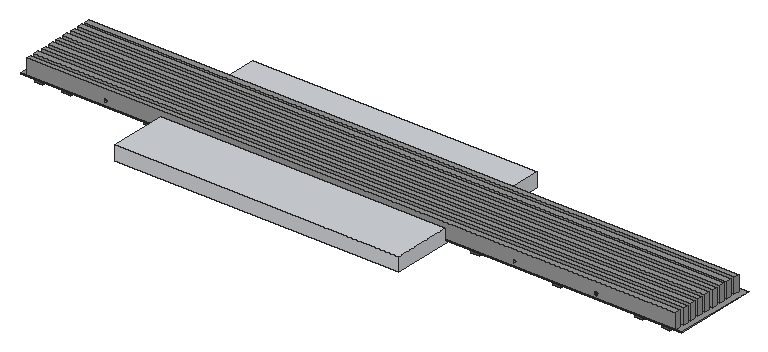
Revit family "1413-9, Veneer", category Generic Models, host Face, Revit 2020
Family settings
  Host = Face
  Can host rebar = No
  Round Connector Dimension = Use Diameter
  Part Type = Normal
  Cut with Voids When Loaded = No
  Shared = No
  Room Calculation Point = No
Parameters
  min_value [instance] = 2' - 4"  # constant formula
  max_value [instance] = 9' - 11 1/4"  # constant formula
  actual_value [instance] = if(NET LENGTH < min_value, min_value, if(NET LENGTH > max_value, max_value, NET LENGTH))  # 7' - 11 1/4"
  SCRIM MATERIAL [instance] = SCRIM
  SCRIM APPEARANCE [instance] = yes
  NET LENGTH [instance] = 7' - 11 1/4"
  IMPORTANT NOTE!!!                                                                             *Backer & dowel layout is for visualization purposes only, final layout to be determined by 9Wood. [instance] = ""
  Default Elevation = 4' - 0"
  DOWEL RADIUS [instance] = 0' - 0 1/4"  # constant formula
  BACKER & DOWEL MATERIAL [instance] = BLACK-BACKERS
  .. MEMBER WIDTH [instance] = 0' - 0 3/4"  # constant formula
  .. MEMBER MATERIAL [instance] = Veneer Cherry
  .. MEMBER DEPTH [instance] = 0' - 2 1/4"  # constant formula
  .. MEMBER COUNT [instance] = 9  # constant formula
Reference planes (in)
  plane 1 "Center (Front/Back)": y = 0
  plane 2: z = 0
  plane 3 "Center (Left/Right)": x = 0
Forms (in)
  Extrusion 1, solid
    sketch origin (0, 0, 0) x (1, 0, 0) y (0, 1, 0)
      loop
        line (-24.24823, 14.63962) -> (-24.24823, -10.69266) -> (17.36192, -10.69266) -> (17.36192, 14.63962) -> (-24.24823, 14.63962)
    from 0 to 2.0625
Dimensions and locks (in)
  aligned and locked: plane 2 to Extrusion 1
Nested families (in)
  nested 1: "1400 series" at (-44.01308, -2.1224, 0.00189), NET LENGTH <- "actual_value", .. MEMBER DEPTH <- ".. MEMBER DEPTH", .. MEMBER WIDTH <- ".. MEMBER WIDTH", DOWEL RADIUS <- "DOWEL RADIUS", BACKER & DOWEL MATERIAL <- "BACKER & DOWEL MATERIAL", .. MEMBER MATERIAL <- ".. MEMBER MATERIAL", SCRIM MATERIAL <- "SCRIM MATERIAL", MEMBER COUNT <- ".. MEMBER COUNT", SCRIM APPEARANCE <- "SCRIM APPEARANCE", type "1400 series"
    with X 7' - 8", SCRIM MATERIAL SCRIM, SCRIM LENGTH 8' - 1", SCRIM APPEARANCE yes, SCRIM 2 0' - 0 7/8", SCRIM 1 0' - 0 3/32", OC TYP 1' - 0", NET LENGTH 7' - 11 1/4", N 8, MEMBER COUNT 9, INSET 2 0' - 0 3/16", INSET 0' - 1", HALF MEMBER WIDTH 0' - 0 3/8", END BACKER yes, DOWEL RADIUS 0' - 0 1/4", DOWEL INDEX 0' - 11 5/8", DOWEL COUNT 7, BACKING M COUNT 8, BACKER WIDTH 0' - 1 1/4", BACKER INDEX 0' - 5 5/8", BACKER DEPTH 0' - 0 1/2", BACKER & DOWEL MATERIAL BLACK-BACKERS, BACKER &  DOWEL LENGTH 0' - 11 7/8", .. MEMBER WIDTH 0' - 0 3/4", .. MEMBER OC TYP 0' - 1.33333", .. MEMBER MATERIAL Veneer Cherry, .. MEMBER DEPTH 0' - 2 1/4"
Definition of nested family "1400 series"
  Parameters (values of type "1400 series")
    X [instance] = NET LENGTH - 0' 3 1/4"  # 7' - 2"
    SCRIM MATERIAL [instance] = none
    SCRIM APPEARANCE [instance] = yes
    SCRIM 2 [instance] = 0' - 0 7/8"  # constant formula
    SCRIM 1 [instance] = 0' - 0 3/32"  # constant formula
    OC TYP [instance] = 1' - 0"  # constant formula
    N [instance] = if((X - (rounddown(X / 1' 0") * 1' 0")) > 1' 0", rounddown(X / 1' 0") + 2, rounddown(X / 1' 0") + 1)  # 8
    MEMBER COUNT [instance] = 2
    INSET 5 = 0' - 0 11/16"  # constant formula
    INSET 2 [instance] = 0' - 0 3/16"  # constant formula
    INSET [instance] = 0' - 1"  # constant formula
    END BACKER [instance] = BACKER INDEX > 0' 3 5/8"  # no
    HALF MEMBER WIDTH [instance] = .. MEMBER WIDTH / 2  # 0' - 1 1/8"
    Default Elevation = 0' - 0"
    DOWEL RADIUS [instance] = 0' - 0 1/4"
    DOWEL INDEX [instance] = BACKER INDEX + 0' 6"  # 0' - 8 5/8"
    DOWEL COUNT [instance] = N - 1  # 7
    BACKER WIDTH [instance] = 0' - 1 1/4"  # constant formula
    BACKER INDEX [instance] = (NET LENGTH - ((N - 1) * 1' 0")) / 2  # 0' - 2 5/8"
    BACKER DEPTH [instance] = 0' - 0 1/2"  # constant formula
    BACKING M COUNT [instance] = N  # 8
    BACKER & DOWEL MATERIAL [instance] = none
    BACKER &  DOWEL LENGTH [instance] = 0' - 11 7/8"  # constant formula
    SCRIM LENGTH [instance] = NET LENGTH + (SCRIM 2 * 2)  # 7' - 7"
    .. MEMBER WIDTH [instance] = 0' - 2 1/4"
    .. MEMBER OC TYP [instance] = 1' 0" / MEMBER COUNT  # 0' - 6"
    .. MEMBER MATERIAL [instance] = none
    NET LENGTH [instance] = 7' - 5 1/4"
    .. MEMBER DEPTH [instance] = 0' - 4"
  Reference planes (in)
    plane 1 "Center (Front/Back)": y = 0
    plane 2: z = 0
    plane 3 "Center (Left/Right)": x = 0
    plane 4: x = 89.25
    plane 5: x = 1
    plane 6: x = 88.25
    plane 7: x = 2.625
    plane 8: x = 8.625
    plane 9: x = 14.625
    plane 10: x = 20.625
    plane 11: y = 0.1875
    plane 12: y = 1.125
    plane 13: y = 7.125
    plane 14: y = 12.0625
    plane 15: x = 90.125
    plane 16: x = -0.875
    plane 17: y = 12.15625
    plane 18: y = -0.09375
    plane 19: z = 2.7097
    plane 20: z = 0.49811
    plane 21: z = 0.56061
    plane 22: z = 1.24811
  Lines and regions (in)
    model lines, not visible
      curve 1: line (8.625, 0, 0.99811) -> (8.625, 0, 1.49811)
      curve 2: line (8.625, 0, 1.49811) -> (8.375, 0, 1.24811)
      curve 3: line (8.375, 0, 1.24811) -> (8.875, 0, 1.24811)
      curve 4: line (20.625, 0, 0.99811) -> (20.625, 0, 1.49811)
      curve 5: line (20.625, 0, 1.49811) -> (20.375, 0, 1.24811)
      curve 6: line (20.375, 0, 1.24811) -> (20.875, 0, 1.24811)
      curve 7: line (32.625, 0, 0.99811) -> (32.625, 0, 1.49811)
      curve 8: line (32.625, 0, 1.49811) -> (32.375, 0, 1.24811)
      curve 9: line (32.375, 0, 1.24811) -> (32.875, 0, 1.24811)
      curve 10: line (44.625, 0, 0.99811) -> (44.625, 0, 1.49811)
      curve 11: line (44.625, 0, 1.49811) -> (44.375, 0, 1.24811)
      curve 12: line (44.375, 0, 1.24811) -> (44.875, 0, 1.24811)
      curve 13: line (56.625, 0, 0.99811) -> (56.625, 0, 1.49811)
      curve 14: line (56.625, 0, 1.49811) -> (56.375, 0, 1.24811)
      curve 15: line (56.375, 0, 1.24811) -> (56.875, 0, 1.24811)
      curve 16: line (68.625, 0, 0.99811) -> (68.625, 0, 1.49811)
      curve 17: line (68.625, 0, 1.49811) -> (68.375, 0, 1.24811)
      curve 18: line (68.375, 0, 1.24811) -> (68.875, 0, 1.24811)
      curve 19: line (80.625, 0, 0.99811) -> (80.625, 0, 1.49811)
      curve 20: line (80.625, 0, 1.49811) -> (80.375, 0, 1.24811)
      curve 21: line (80.375, 0, 1.24811) -> (80.875, 0, 1.24811)
  Dimensions and locks (in)
    "INSET": plane 3 "Center (Left/Right)" to plane 5
    "NET LENGTH": plane 3 "Center (Left/Right)" to plane 4
    "INSET": plane 6 to plane 4
    "BACKER INDEX": plane 3 "Center (Left/Right)" to plane 7
    "DOWEL INDEX": plane 3 "Center (Left/Right)" to plane 8
    "OC TYP": plane 7 to plane 9
    "OC TYP": plane 8 to plane 10
    "INSET 2": plane 1 "Center (Front/Back)" to plane 11
    equal spacing: group 1, group 2, group 5, group 6, group 7, group 13, group 14, group 16  (x3)
    equal spacing: group 3, group 4, group 8, group 9, group 10, group 15, group 17  (x3)
    group 11 to group 12 = 0' - 0"  (x2)
    group 11 to group 12 = 0' - 6"
    ".. MEMBER OC TYP": plane 13 to plane 12
    "HALF MEMBER WIDTH": plane 1 "Center (Front/Back)" to plane 12
    "SCRIM 2": plane 16 to plane 3 "Center (Left/Right)"
    "SCRIM 2": plane 4 to plane 15
    "SCRIM 1": plane 18 to plane 1 "Center (Front/Back)"
    "SCRIM 1": plane 17 to plane 14
    "INSET 5": plane 22 to plane 21
    aligned and locked: level to plane 2
    aligned and locked: plane 7 to nested 2
    aligned and locked: plane 5 to nested 1
    aligned and locked: plane 9 to nested 3
    aligned and locked: nested 1 to plane 5
    aligned and locked: nested 2 to plane 11
    aligned and locked: nested 1 to plane 11
    aligned and locked: nested 3 to plane 11
    aligned and locked: nested 4 to plane 11  (x2)
    aligned and locked: plane 10 to nested 5
    aligned and locked: plane 6 to nested 12
    aligned and locked: nested 5 to plane 11
    aligned and locked: plane 11 to nested 12
    aligned and locked: plane 12 to nested 13
    aligned and locked: nested 14 to plane 13
    aligned and locked: plane 14 to nested 8
    aligned and locked: plane 16 to nested 15
    aligned and locked: nested 15 to plane 18
    aligned and locked: nested 15 to plane 17
    aligned and locked: nested 15 to plane 16  (x2)
    aligned and locked: nested 1 to level
    aligned and locked: level to nested 3
    aligned and locked: plane 20 to nested 2
    aligned and locked: plane 20 to nested 1
    aligned and locked: plane 20 to nested 3
    aligned and locked: nested 12 to plane 20
    aligned and locked: nested 15 to plane 20
    aligned and locked: plane 21 to nested 15
    aligned and locked: nested 13 to plane 21
    aligned and locked: plane 22 to nested 4
    aligned and locked: plane 22 to nested 5
    aligned and locked: nested 13 to plane 8
    aligned and locked: plane 10 to nested 13
    aligned and locked: curve 1 to nested 13
    aligned and locked: nested 13 to curve 4
  Automatic sketch dimensions
    curve 3 to curve 1 = 0' - 0 1/4"  (x2)
    curve 1 to curve 3 = 0' - 0 1/4"
    curve 1 to curve 2 = 0' - 0 1/4"
    curve 6 to curve 4 = 0' - 0 1/4"  (x2)
    curve 4 to curve 6 = 0' - 0 1/4"
    curve 4 to curve 5 = 0' - 0 1/4"
    curve 9 to curve 7 = 0' - 0 1/4"  (x2)
    curve 7 to curve 9 = 0' - 0 1/4"
    curve 7 to curve 8 = 0' - 0 1/4"
    curve 12 to curve 10 = 0' - 0 1/4"  (x2)
    curve 10 to curve 12 = 0' - 0 1/4"
    curve 10 to curve 11 = 0' - 0 1/4"
    curve 15 to curve 13 = 0' - 0 1/4"  (x2)
    curve 13 to curve 15 = 0' - 0 1/4"
    curve 13 to curve 14 = 0' - 0 1/4"
    curve 18 to curve 16 = 0' - 0 1/4"  (x2)
    curve 16 to curve 18 = 0' - 0 1/4"
    curve 16 to curve 17 = 0' - 0 1/4"
    curve 21 to curve 19 = 0' - 0 1/4"  (x2)
    curve 19 to curve 21 = 0' - 0 1/4"
    curve 19 to curve 20 = 0' - 0 1/4"
  Nested families (in)
    nested 1: "INSTANCE - 3RD -  EXTEND BOTH SIDES - Parametric Cube.0001" at (1, 0.1875, 0.49811), Length <- "BACKER &  DOWEL LENGTH", Width <- "BACKER WIDTH", Height <- "BACKER DEPTH", Material <- "BACKER & DOWEL MATERIAL", visible <- "END BACKER", type "INSTANCE - 3RD -  EXTEND BOTH SIDES - Parametric Cube.0001"
      with Width 0' - 1 1/4", Material none, Length 0' - 11 7/8", Height 0' - 0 1/2"
    nested 2: "INSTANCE - 2ND -  EXTEND SIDE H CENTER W - Parametric Cube.0001" at (2.625, 0.1875, 0.49811), Width <- "BACKER WIDTH", Length <- "BACKER &  DOWEL LENGTH", Height <- "BACKER DEPTH", Material <- "BACKER & DOWEL MATERIAL", type "INSTANCE - 2ND -  EXTEND SIDE H CENTER W - Parametric Cube.0001"
      with Width 0' - 1 1/4", Material none, Length 0' - 11 7/8", Height 0' - 0 1/2"
    nested 3: "INSTANCE - 2ND -  EXTEND SIDE H CENTER W - Parametric Cube.0001" at (14.625, 0.1875, 0.49811), Width <- "BACKER WIDTH", Length <- "BACKER &  DOWEL LENGTH", Height <- "BACKER DEPTH", Material <- "BACKER & DOWEL MATERIAL", type "INSTANCE - 2ND -  EXTEND SIDE H CENTER W - Parametric Cube.0001"
      with Width 0' - 1 1/4", Material none, Length 0' - 11 7/8", Height 0' - 0 1/2"
    nested 4: "DOWEL" at (-1.375, 0.1875, 1.24811), DOWEL LENGTH <- "BACKER &  DOWEL LENGTH", DOWEL RADII <- "DOWEL RADIUS", BACKING MEM MATERIAL <- "BACKER & DOWEL MATERIAL", type "DOWEL"
      with DOWEL RADII 0' - 0 1/4", DOWEL LENGTH 0' - 11 7/8", BACKING MEM MATERIAL none
    nested 5: "DOWEL" at (10.625, 0.1875, 1.24811), DOWEL LENGTH <- "BACKER &  DOWEL LENGTH", DOWEL RADII <- "DOWEL RADIUS", BACKING MEM MATERIAL <- "BACKER & DOWEL MATERIAL", type "DOWEL"
      with DOWEL RADII 0' - 0 1/4", DOWEL LENGTH 0' - 11 7/8", BACKING MEM MATERIAL none
    nested 6: "INSTANCE - 2ND -  EXTEND SIDE H CENTER W - Parametric Cube.0001" at (26.625, 0.1875, 0.49811), Width <- "BACKER WIDTH", Length <- "BACKER &  DOWEL LENGTH", Height <- "BACKER DEPTH", Material <- "BACKER & DOWEL MATERIAL", type "INSTANCE - 2ND -  EXTEND SIDE H CENTER W - Parametric Cube.0001"
      with Width 0' - 1 1/4", Material none, Length 0' - 11 7/8", Height 0' - 0 1/2"
    nested 7: "INSTANCE - 2ND -  EXTEND SIDE H CENTER W - Parametric Cube.0001" at (38.625, 0.1875, 0.49811), Width <- "BACKER WIDTH", Length <- "BACKER &  DOWEL LENGTH", Height <- "BACKER DEPTH", Material <- "BACKER & DOWEL MATERIAL", type "INSTANCE - 2ND -  EXTEND SIDE H CENTER W - Parametric Cube.0001"
      with Width 0' - 1 1/4", Material none, Length 0' - 11 7/8", Height 0' - 0 1/2"
    nested 8: "INSTANCE - 2ND -  EXTEND SIDE H CENTER W - Parametric Cube.0001" at (50.625, 0.1875, 0.49811), Width <- "BACKER WIDTH", Length <- "BACKER &  DOWEL LENGTH", Height <- "BACKER DEPTH", Material <- "BACKER & DOWEL MATERIAL", type "INSTANCE - 2ND -  EXTEND SIDE H CENTER W - Parametric Cube.0001"
      with Width 0' - 1 1/4", Material none, Length 0' - 11 7/8", Height 0' - 0 1/2"
    nested 9: "DOWEL" at (22.625, 0.1875, 1.24811), DOWEL LENGTH <- "BACKER &  DOWEL LENGTH", DOWEL RADII <- "DOWEL RADIUS", BACKING MEM MATERIAL <- "BACKER & DOWEL MATERIAL", type "DOWEL"
      with DOWEL RADII 0' - 0 1/4", DOWEL LENGTH 0' - 11 7/8", BACKING MEM MATERIAL none
    nested 10: "DOWEL" at (34.625, 0.1875, 1.24811), DOWEL LENGTH <- "BACKER &  DOWEL LENGTH", DOWEL RADII <- "DOWEL RADIUS", BACKING MEM MATERIAL <- "BACKER & DOWEL MATERIAL", type "DOWEL"
      with DOWEL RADII 0' - 0 1/4", DOWEL LENGTH 0' - 11 7/8", BACKING MEM MATERIAL none
    nested 11: "DOWEL" at (46.625, 0.1875, 1.24811), DOWEL LENGTH <- "BACKER &  DOWEL LENGTH", DOWEL RADII <- "DOWEL RADIUS", BACKING MEM MATERIAL <- "BACKER & DOWEL MATERIAL", type "DOWEL"
      with DOWEL RADII 0' - 0 1/4", DOWEL LENGTH 0' - 11 7/8", BACKING MEM MATERIAL none
    nested 12: "INSTANCE - 3RD -  EXTEND BOTH SIDES - Parametric Cube.0001" at (88.25, 0.1875, 0.49811) x (-1, 0, 0) z (0, 0, 1), Width <- "BACKER WIDTH", Length <- "BACKER &  DOWEL LENGTH", Height <- "BACKER DEPTH", Material <- "BACKER & DOWEL MATERIAL", visible <- "END BACKER", type "INSTANCE - 3RD -  EXTEND BOTH SIDES - Parametric Cube.0001"
      with Width 0' - 1 1/4", Material none, Length 0' - 11 7/8", Height 0' - 0 1/2"
    nested 13: "HOLED MEMBER" at (0, -9.75, 8.12965), DOWEL INDEX <- "DOWEL INDEX", .. MEMBER LENGTH <- "NET LENGTH", .. MEMBER WIDTH <- ".. MEMBER WIDTH", DOWEL OC DIST <- "OC TYP", DOWEL RADII <- "DOWEL RADIUS", Material <- ".. MEMBER MATERIAL", DEPTH <- ".. MEMBER DEPTH", DOWEL COUNT <- "DOWEL COUNT", Space <- "INSET 5", type "HOLED MEMBER"
      with Space 0' - 0 11/16", Material none, Height 0' - 10.43096", HALF MEMBER WIDTH 0' - 1 1/8", DOWEL RADII 0' - 0 1/4", DOWEL OC DIST 1' - 0", DOWEL INDEX 0' - 8 5/8", DOWEL COUNT 7, DEPTH 0' - 4", .. MEMBER WIDTH 0' - 2 1/4", .. MEMBER LENGTH 7' - 5 1/4"
    nested 14: "HOLED MEMBER" at (0, -3.75, 8.12965), DOWEL INDEX <- "DOWEL INDEX", .. MEMBER LENGTH <- "NET LENGTH", .. MEMBER WIDTH <- ".. MEMBER WIDTH", DOWEL OC DIST <- "OC TYP", DOWEL RADII <- "DOWEL RADIUS", Material <- ".. MEMBER MATERIAL", DEPTH <- ".. MEMBER DEPTH", DOWEL COUNT <- "DOWEL COUNT", Space <- "INSET 5", type "HOLED MEMBER"
      with Space 0' - 0 11/16", Material none, Height 0' - 10.43096", HALF MEMBER WIDTH 0' - 1 1/8", DOWEL RADII 0' - 0 1/4", DOWEL OC DIST 1' - 0", DOWEL INDEX 0' - 8 5/8", DOWEL COUNT 7, DEPTH 0' - 4", .. MEMBER WIDTH 0' - 2 1/4", .. MEMBER LENGTH 7' - 5 1/4"
    nested 15: "INSTANCE - 3RD -  EXTEND BOTH SIDES - Parametric Cube.0001" at (-0.875, -0.09375, 0.56061), Width <- "SCRIM LENGTH", Material <- "SCRIM MATERIAL", visible <- "SCRIM APPEARANCE", type "INSTANCE - 3RD -  EXTEND BOTH SIDES - Parametric Cube.0001"
      with Width 7' - 7", Material none, Length 1' - 0 1/4", Height 0' - 0 1/16"
    nested 16: "INSTANCE - 2ND -  EXTEND SIDE H CENTER W - Parametric Cube.0001" at (62.625, 0.1875, 0.49811), Width <- "BACKER WIDTH", Length <- "BACKER &  DOWEL LENGTH", Height <- "BACKER DEPTH", Material <- "BACKER & DOWEL MATERIAL", type "INSTANCE - 2ND -  EXTEND SIDE H CENTER W - Parametric Cube.0001"
      with Width 0' - 1 1/4", Material none, Length 0' - 11 7/8", Height 0' - 0 1/2"
    nested 17: "INSTANCE - 2ND -  EXTEND SIDE H CENTER W - Parametric Cube.0001" at (74.625, 0.1875, 0.49811), Width <- "BACKER WIDTH", Length <- "BACKER &  DOWEL LENGTH", Height <- "BACKER DEPTH", Material <- "BACKER & DOWEL MATERIAL", type "INSTANCE - 2ND -  EXTEND SIDE H CENTER W - Parametric Cube.0001"
      with Width 0' - 1 1/4", Material none, Length 0' - 11 7/8", Height 0' - 0 1/2"
    nested 18: "DOWEL" at (58.625, 0.1875, 1.24811), DOWEL LENGTH <- "BACKER &  DOWEL LENGTH", DOWEL RADII <- "DOWEL RADIUS", BACKING MEM MATERIAL <- "BACKER & DOWEL MATERIAL", type "DOWEL"
      with DOWEL RADII 0' - 0 1/4", DOWEL LENGTH 0' - 11 7/8", BACKING MEM MATERIAL none
    nested 19: "INSTANCE - 2ND -  EXTEND SIDE H CENTER W - Parametric Cube.0001" at (86.625, 0.1875, 0.49811), Width <- "BACKER WIDTH", Length <- "BACKER &  DOWEL LENGTH", Height <- "BACKER DEPTH", Material <- "BACKER & DOWEL MATERIAL", type "INSTANCE - 2ND -  EXTEND SIDE H CENTER W - Parametric Cube.0001"
      with Width 0' - 1 1/4", Material none, Length 0' - 11 7/8", Height 0' - 0 1/2"
    nested 20: "DOWEL" at (70.625, 0.1875, 1.24811), DOWEL LENGTH <- "BACKER &  DOWEL LENGTH", DOWEL RADII <- "DOWEL RADIUS", BACKING MEM MATERIAL <- "BACKER & DOWEL MATERIAL", type "DOWEL"
      with DOWEL RADII 0' - 0 1/4", DOWEL LENGTH 0' - 11 7/8", BACKING MEM MATERIAL none
  Definition of nested family "INSTANCE - 3RD -  EXTEND BOTH SIDES - Parametric Cube.0001"
    Parameters (values of type "INSTANCE - 3RD -  EXTEND BOTH SIDES - Parametric Cube.0001")
      Width [instance] = 0' - 6"
      Material [instance] = none
      Length [instance] = 1' - 0"
      Height [instance] = 1' - 6"
      Default Elevation = 0' - 0"
    Reference planes (in)
      plane 1 "Center (Front/Back)": y = 0
      plane 2: z = 0
      plane 3 "Center (Left/Right)": x = 0
      plane 4: x = 6
      plane 5: y = 12
      plane 6: z = -18
    Forms (in)
      Extrusion 1, solid, material <- "Material"
        sketch origin (0, 6, 0) x (1, 0, 0) y (0, 1, 0)
          loop
            line (0, 6) -> (0, -6) -> (6, -6) -> (6, 6) -> (0, 6)
        from -18 to 0
    Dimensions and locks (in)
      "Height": plane 6 to level
      "Length": plane 1 "Center (Front/Back)" to plane 5
      "Width": plane 3 "Center (Left/Right)" to plane 4
      aligned and locked: plane 2 to level
      aligned and locked: Extrusion 1 sketch curve to plane 4
      aligned and locked: Extrusion 1 to plane 6
      aligned and locked: plane 5 to Extrusion 1
      aligned and locked: Extrusion 1 to plane 3 "Center (Left/Right)"
    Automatic sketch dimensions
      plane 1 "Center (Front/Back)" to Extrusion 1 sketch curve = 0' - 0"
      plane 5 to Extrusion 1 sketch curve = 0' - 0"
      Extrusion 1 sketch curve to plane 3 "Center (Left/Right)" = 0' - 0"
  Definition of nested family "INSTANCE - 2ND -  EXTEND SIDE H CENTER W - Parametric Cube.0001"
    Parameters (values of type "INSTANCE - 2ND -  EXTEND SIDE H CENTER W - Parametric Cube.0001")
      Width [instance] = 0' - 6"
      Material [instance] = none
      Length [instance] = 1' - 0"
      Height [instance] = 1' - 6"
      Default Elevation = 0' - 0"
    Reference planes (in)
      plane 1 "Center (Front/Back)": y = 0
      plane 2: z = 0
      plane 3 "Center (Left/Right)": x = 0
      plane 4: x = -3
      plane 5: x = 3
      plane 6: y = 12
      plane 7: z = -18
    Forms (in)
      Extrusion 1, solid, material <- "Material"
        sketch origin (0, 6, 0) x (1, 0, 0) y (0, 1, 0)
          loop
            line (-3, 6) -> (-3, -6) -> (3, -6) -> (3, 6) -> (-3, 6)
        from -18 to 0
    Dimensions and locks (in)
      equal spacing: plane 4, plane 3 "Center (Left/Right)", plane 5
      "Width": plane 4 to plane 5
      "Height": plane 7 to level
      "Length": plane 1 "Center (Front/Back)" to plane 6
      aligned and locked: plane 2 to level
      aligned and locked: plane 4 to Extrusion 1 sketch curve
      aligned and locked: Extrusion 1 sketch curve to plane 5
      aligned and locked: Extrusion 1 to plane 7
      aligned and locked: plane 6 to Extrusion 1
    Automatic sketch dimensions
      plane 1 "Center (Front/Back)" to Extrusion 1 sketch curve = 0' - 0"
      plane 6 to Extrusion 1 sketch curve = 0' - 0"
  Definition of nested family "DOWEL"
    Parameters (values of type "DOWEL")
      Default Elevation = 0' - 0"
      DOWEL RADII [instance] = 0' - 0 5/8"
      DOWEL LENGTH [instance] = 1' - 0"
      BACKING MEM MATERIAL [instance] = none
    Reference planes (in)
      plane 1 "Center (Front/Back)": y = 0
      plane 2: z = 0
      plane 3 "Center (Left/Right)": x = 0
      plane 4: y = 12
    Forms (in)
      Extrusion 1, solid, material <- "BACKING MEM MATERIAL"
        sketch origin (10, 0, 0) x (1, 0, 0) y (0, 0, 1)
          loop
            circle (0, 0) r 0.625
        from 0 to -12
      Extrusion 2, solid, not visible
        sketch origin (0, 0, 0) x (1, 0, 0) y (0, 0, 1)
          loop
            circle (0, 0) r 0.625
        from 0 to 12
      Extrusion 3, solid, not visible
        sketch origin (10, 0, 0) x (1, 0, 0) y (0, 0, 1)
          loop
            circle (0, 0) r 0.625
        from 0 to 2.5
      Extrusion 4, solid, not visible
        sketch origin (10, 0, 0) x (1, 0, 0) y (0, 0, 1)
          loop
            circle (0, 0) r 0.625
        from 0 to -12
    Lines and regions (in)
      model lines, not visible
        curve 1: line (-13, 0, 0) -> (-13, -12, 0)
        curve 2: line (13, 0, 0) -> (13, -12, 0)
        curve 3: line (9.89453, 0, 0) -> (10.08794, 0, 0)
        curve 4: line (9.89453, -2.5, 0) -> (10.08794, -2.5, 0)
        curve 6: line (10, 0, 0) -> (10, 2, 0)
      model lines
        curve 5: line (10, 0, 0) -> (10, 2, 0)
    Dimensions and locks (in)
      "DOWEL LENGTH": plane 1 "Center (Front/Back)" to plane 4
      "DOWEL RADII": radius of Extrusion 1 sketch curve
      "DOWEL RADII": radius of Extrusion 2 sketch curve
      "DOWEL RADII": radius of Extrusion 3 sketch curve
      "DOWEL RADII": radius of Extrusion 4 sketch curve
      "DOWEL RADII": radius of Extrusion 1
      aligned and locked: plane 2 to level
      aligned and locked: Extrusion 1 to plane 1 "Center (Front/Back)"  (x3)
      aligned and locked: plane 1 "Center (Front/Back)" to Extrusion 1
      aligned and locked: plane 4 to Extrusion 1
    Automatic sketch dimensions
      plane 1 "Center (Front/Back)" to curve 5 = 0' - 0"
      curve 5 to plane 1 "Center (Front/Back)" = 0' - 2"
      plane 3 "Center (Left/Right)" to curve 5 = 0' - 10"
      Extrusion 1 sketch curve to level = 0' - 0"
      plane 3 "Center (Left/Right)" to Extrusion 1 sketch curve = 0' - 10"
  Definition of nested family "HOLED MEMBER"
    Parameters (values of type "HOLED MEMBER")
      Space [instance] = 0' - 0 5/8"
      Material [instance] = none
      Height [instance] = 0' - 10.43096"
      HALF MEMBER WIDTH [instance] = .. MEMBER WIDTH / 2  # 0' - 0 5/16"
      Default Elevation = 0' - 0"
      DOWEL RADII [instance] = 0' - 0.34537"
      DOWEL OC DIST [instance] = 1' - 0"
      DOWEL INSET = 0' - 0 5/8"
      DOWEL INDEX [instance] = 0' - 5 5/8"
      DOWEL COUNT [instance] = 6
      DEPTH [instance] = 0' - 2"
      .. MEMBER WIDTH [instance] = 0' - 0 5/8"
      .. MEMBER LENGTH [instance] = 5' - 11 3/4"
    Reference planes (in)
      plane 1 "Center (Front/Back)": y = 12
      plane 2: z = -7.56904
      plane 3 "Center (Left/Right)": x = 0
      plane 4: x = 5.625
      plane 5: x = 17.625
      plane 6: y = 11.375
      plane 7: x = 71.75
      plane 8: y = 11.6875
      plane 9: z = -6.94404
      plane 10: z = -5.56904
    Forms (in)
      Extrusion 1, solid, material <- "Material"
        sketch origin (0, 12, -13.56904) x (1, 0, 0) y (0, 0, 1)
          loop
            line (0, 6) -> (71.75, 6) -> (71.75, 8) -> (0, 8) -> (0, 6)
        from 0.625 to 0
      Extrusion 2, void
        sketch origin (0, 12, -18.31904) x (1, 0, 0) y (0, 0, 1)
          loop
            circle (5.625, 11.375) r 0.34537
        from 0 to 12
      Extrusion 3, void, not visible
        sketch origin (0, 0, 0) x (1, 0, 0) y (0, 1, 0)
          loop
            circle (5.625, 11.375) r 0.34537
        from 0 to 12
      Extrusion 4, void, not visible
        sketch origin (0, 0, 0) x (1, 0, 0) y (0, 1, 0)
          loop
            circle (5.625, 11.375) r 0.34537
        from 0 to 12
      Extrusion 5, void, not visible
        sketch origin (12, 0, 0) x (1, 0, 0) y (0, 1, 0)
          loop
            circle (5.625, 11.375) r 0.34537
        from 0 to 12
      Extrusion 6, void, not visible
        sketch origin (0, 12, -17.56904) x (1, 0, 0) y (0, 0, 1)
          loop
            circle (5.625, 11.375) r 0.34537
        from 0 to 12
      Extrusion 7, void, not visible
        sketch origin (12, 12, -17.56904) x (1, 0, 0) y (0, 0, 1)
          loop
            circle (5.625, 11.375) r 0.34537
        from 0 to 12
      Extrusion 8, void, not visible
        sketch origin (0, 12, -19.56904) x (1, 0, 0) y (0, 0, 1)
          loop
            circle (5.625, 11.375) r 0.34537
        from 0 to 12
      Extrusion 9, void
        sketch origin (12, 12, -18.31904) x (1, 0, 0) y (0, 0, 1)
          loop
            circle (5.625, 11.375) r 0.34537
        from 0 to 12
      Extrusion 10, void
        sketch origin (24, 12, -18.31904) x (1, 0, 0) y (0, 0, 1)
          loop
            circle (5.625, 11.375) r 0.34537
        from 0 to 12
      Extrusion 11, void
        sketch origin (36, 12, -18.31904) x (1, 0, 0) y (0, 0, 1)
          loop
            circle (5.625, 11.375) r 0.34537
        from 0 to 12
      Extrusion 12, void
        sketch origin (48, 12, -18.31904) x (1, 0, 0) y (0, 0, 1)
          loop
            circle (5.625, 11.375) r 0.34537
        from 0 to 12
      Extrusion 13, void
        sketch origin (60, 12, -18.31904) x (1, 0, 0) y (0, 0, 1)
          loop
            circle (5.625, 11.375) r 0.34537
        from 0 to 12
      Extrusion 14, void, not visible
        sketch origin (24, 12, -17.56904) x (1, 0, 0) y (0, 0, 1)
          loop
            circle (5.625, 11.375) r 0.34537
        from 0 to 12
      Extrusion 15, void, not visible
        sketch origin (36, 12, -17.56904) x (1, 0, 0) y (0, 0, 1)
          loop
            circle (5.625, 11.375) r 0.34537
        from 0 to 12
      Extrusion 16, void, not visible
        sketch origin (48, 12, -17.56904) x (1, 0, 0) y (0, 0, 1)
          loop
            circle (5.625, 11.375) r 0.34537
        from 0 to 12
      Extrusion 17, void, not visible
        sketch origin (60, 12, -17.56904) x (1, 0, 0) y (0, 0, 1)
          loop
            circle (5.625, 11.375) r 0.34537
        from 0 to 12
      Extrusion 18, void, not visible
        sketch origin (24, 0, 0) x (1, 0, 0) y (0, 1, 0)
          loop
            circle (5.625, 11.375) r 0.34537
        from 0 to 12
      Extrusion 19, void, not visible
        sketch origin (36, 0, 0) x (1, 0, 0) y (0, 1, 0)
          loop
            circle (5.625, 11.375) r 0.34537
        from 0 to 12
      Extrusion 20, void, not visible
        sketch origin (48, 0, 0) x (1, 0, 0) y (0, 1, 0)
          loop
            circle (5.625, 11.375) r 0.34537
        from 0 to 12
      Extrusion 21, void, not visible
        sketch origin (60, 0, 0) x (1, 0, 0) y (0, 1, 0)
          loop
            circle (5.625, 11.375) r 0.34537
        from 0 to 12
    Cuts and joins
      Extrusion 2, Extrusion 9, Extrusion 10, Extrusion 11, Extrusion 12, Extrusion 13 cuts Extrusion 1
    Lines and regions (in)
      model lines, not visible
        curve 1: line (5.625, 11.72037, 0) -> (5.625, 11.02963, 0)
        curve 2: line (5.625, 11.72037, 0) -> (5.625, 11.02963, 0)
        curve 3: line (17.625, 11.72037, 0) -> (17.625, 11.02963, 0)
        curve 4: line (5.625, 12, -7.56904) -> (5.625, 11.87317, -7.56904)
        curve 5: line (5.625, 11.87317, -7.56904) -> (5.06195, 11.87317, -7.56904)
        curve 6: line (5.06195, 11.87317, -7.56904) -> (5.27963, 11.375, -7.56904)
        curve 7: line (0, 12, -6.19404) -> (0, 11.61951, -6.19404)
        curve 9: line (0, 11.375, -8.19404) -> (0, 11.6747, -8.19404)
        curve 10: line (5.625, 12, -7.56904) -> (5.625, 11.69863, -7.56904)
        curve 11: line (5.625, 12, -7.56904) -> (5.625, 11.69863, -7.56904)
        curve 12: line (5.625, 10.75, 0) -> (5.625, 10.75, 0.30137)
        curve 13: line (5.625, 10.75, 0) -> (5.625, 10.75, 0.30137)
        curve 14: line (17.625, 10.75, 0) -> (17.625, 10.75, 0.30137)
        curve 15: line (5.625, 12, -6.81904) -> (5.625, 11.69863, -6.81904)
        curve 16: line (17.625, 12, -6.81904) -> (17.625, 11.69863, -6.81904)
        curve 17: line (5.625, 12, -8.81904) -> (5.625, 11.69863, -8.81904)
        curve 18: line (17.625, 12, -7.56904) -> (17.625, 11.69863, -7.56904)
        curve 19: line (29.625, 12, -7.56904) -> (29.625, 11.69863, -7.56904)
        curve 20: line (41.625, 12, -7.56904) -> (41.625, 11.69863, -7.56904)
        curve 21: line (53.625, 12, -7.56904) -> (53.625, 11.69863, -7.56904)
        curve 22: line (65.625, 12, -7.56904) -> (65.625, 11.69863, -7.56904)
        curve 23: line (29.625, 12, -6.81904) -> (29.625, 11.69863, -6.81904)
        curve 24: line (41.625, 12, -6.81904) -> (41.625, 11.69863, -6.81904)
        curve 25: line (53.625, 12, -6.81904) -> (53.625, 11.69863, -6.81904)
        curve 26: line (65.625, 12, -6.81904) -> (65.625, 11.69863, -6.81904)
        curve 27: line (29.625, 11.72037, 0) -> (29.625, 11.02963, 0)
        curve 28: line (29.625, 10.75, 0) -> (29.625, 10.75, 0.30137)
        curve 29: line (41.625, 11.72037, 0) -> (41.625, 11.02963, 0)
        curve 30: line (41.625, 10.75, 0) -> (41.625, 10.75, 0.30137)
        curve 31: line (53.625, 11.72037, 0) -> (53.625, 11.02963, 0)
        curve 32: line (53.625, 10.75, 0) -> (53.625, 10.75, 0.30137)
        curve 33: line (65.625, 11.72037, 0) -> (65.625, 11.02963, 0)
        curve 34: line (65.625, 10.75, 0) -> (65.625, 10.75, 0.30137)
        curve 35: line (5.27963, 12, -6.94404) -> (5.97037, 12, -6.94404)
        curve 36: line (5.97037, 12, -6.94404) -> (5.625, 12, -6.59867)
        curve 37: line (5.625, 12, -6.59867) -> (5.625, 12, -7.28941)
        curve 38: line (5.27963, 11.375, 0) -> (5.97037, 11.375, 0)
        curve 39: line (5.97037, 11.375, 0) -> (5.625, 11.72037, 0)
        curve 40: line (5.625, 11.72037, 0) -> (5.625, 11.02963, 0)
        curve 41: line (5.27963, 11.375, 0) -> (5.97037, 11.375, 0)
        curve 42: line (5.97037, 11.375, 0) -> (5.625, 11.72037, 0)
        curve 43: line (5.625, 11.72037, 0) -> (5.625, 11.02963, 0)
        curve 44: line (17.27963, 11.375, 0) -> (17.97037, 11.375, 0)
        curve 45: line (17.97037, 11.375, 0) -> (17.625, 11.72037, 0)
        curve 46: line (17.625, 11.72037, 0) -> (17.625, 11.02963, 0)
        curve 47: line (5.27963, 12, -6.19404) -> (5.97037, 12, -6.19404)
        curve 48: line (5.97037, 12, -6.19404) -> (5.625, 12, -5.84867)
        curve 49: line (5.625, 12, -5.84867) -> (5.625, 12, -6.53941)
        curve 50: line (17.27963, 12, -6.19404) -> (17.97037, 12, -6.19404)
        curve 51: line (17.97037, 12, -6.19404) -> (17.625, 12, -5.84867)
        curve 52: line (17.625, 12, -5.84867) -> (17.625, 12, -6.53941)
        curve 53: line (5.27963, 12, -8.19404) -> (5.97037, 12, -8.19404)
        curve 54: line (5.97037, 12, -8.19404) -> (5.625, 12, -7.84867)
        curve 55: line (5.625, 12, -7.84867) -> (5.625, 12, -8.53941)
        curve 56: line (17.27963, 12, -6.94404) -> (17.97037, 12, -6.94404)
        curve 57: line (17.97037, 12, -6.94404) -> (17.625, 12, -6.59867)
        curve 58: line (17.625, 12, -6.59867) -> (17.625, 12, -7.28941)
        curve 59: line (29.27963, 12, -6.94404) -> (29.97037, 12, -6.94404)
        curve 60: line (29.97037, 12, -6.94404) -> (29.625, 12, -6.59867)
        curve 61: line (29.625, 12, -6.59867) -> (29.625, 12, -7.28941)
        curve 62: line (41.27963, 12, -6.94404) -> (41.97037, 12, -6.94404)
        curve 63: line (41.97037, 12, -6.94404) -> (41.625, 12, -6.59867)
        curve 64: line (41.625, 12, -6.59867) -> (41.625, 12, -7.28941)
        curve 65: line (53.27963, 12, -6.94404) -> (53.97037, 12, -6.94404)
        curve 66: line (53.97037, 12, -6.94404) -> (53.625, 12, -6.59867)
        curve 67: line (53.625, 12, -6.59867) -> (53.625, 12, -7.28941)
        curve 68: line (65.27963, 12, -6.94404) -> (65.97037, 12, -6.94404)
        curve 69: line (65.97037, 12, -6.94404) -> (65.625, 12, -6.59867)
        curve 70: line (65.625, 12, -6.59867) -> (65.625, 12, -7.28941)
        curve 71: line (29.27963, 12, -6.19404) -> (29.97037, 12, -6.19404)
        curve 72: line (29.97037, 12, -6.19404) -> (29.625, 12, -5.84867)
        curve 73: line (29.625, 12, -5.84867) -> (29.625, 12, -6.53941)
        curve 74: line (41.27963, 12, -6.19404) -> (41.97037, 12, -6.19404)
        curve 75: line (41.97037, 12, -6.19404) -> (41.625, 12, -5.84867)
        curve 76: line (41.625, 12, -5.84867) -> (41.625, 12, -6.53941)
        curve 77: line (53.27963, 12, -6.19404) -> (53.97037, 12, -6.19404)
        curve 78: line (53.97037, 12, -6.19404) -> (53.625, 12, -5.84867)
        curve 79: line (53.625, 12, -5.84867) -> (53.625, 12, -6.53941)
        curve 80: line (65.27963, 12, -6.19404) -> (65.97037, 12, -6.19404)
        curve 81: line (65.97037, 12, -6.19404) -> (65.625, 12, -5.84867)
        curve 82: line (65.625, 12, -5.84867) -> (65.625, 12, -6.53941)
        curve 83: line (29.27963, 11.375, 0) -> (29.97037, 11.375, 0)
        curve 84: line (29.97037, 11.375, 0) -> (29.625, 11.72037, 0)
        curve 85: line (29.625, 11.72037, 0) -> (29.625, 11.02963, 0)
        curve 86: line (41.27963, 11.375, 0) -> (41.97037, 11.375, 0)
        curve 87: line (41.97037, 11.375, 0) -> (41.625, 11.72037, 0)
        curve 88: line (41.625, 11.72037, 0) -> (41.625, 11.02963, 0)
        curve 89: line (53.27963, 11.375, 0) -> (53.97037, 11.375, 0)
        curve 90: line (53.97037, 11.375, 0) -> (53.625, 11.72037, 0)
        curve 91: line (53.625, 11.72037, 0) -> (53.625, 11.02963, 0)
        curve 92: line (65.27963, 11.375, 0) -> (65.97037, 11.375, 0)
        curve 93: line (65.97037, 11.375, 0) -> (65.625, 11.72037, 0)
        curve 94: line (65.625, 11.72037, 0) -> (65.625, 11.02963, 0)
      model lines
        curve 8: line (5.625, 12, -7.56904) -> (5.625, 11.69863, -7.56904)
    Dimensions and locks (in)
      "DOWEL INDEX": plane 3 "Center (Left/Right)" to plane 4
      "DOWEL OC DIST": plane 4 to plane 5
      ".. MEMBER LENGTH": plane 3 "Center (Left/Right)" to plane 7
      equal spacing: group 3, group 4, group 21, group 22, group 23, group 24  (x3)
      equal spacing: group 7, group 8, group 17, group 18, group 19, group 20  (x3)
      ".. MEMBER WIDTH": plane 6 to plane 1 "Center (Front/Back)"
      "HALF MEMBER WIDTH": plane 8 to plane 1 "Center (Front/Back)"
      equal spacing: group 1, group 12, group 13, group 14, group 15, group 16  (x2)
      equal spacing: group 16, group 15, group 14, group 13, group 12, group 1
      "DEPTH": plane 10 to level
      "Space": plane 9 to level
      "DOWEL RADII": radius of Extrusion 2 sketch curve
      "DOWEL RADII": radius of Extrusion 3 sketch curve
      "DOWEL RADII": radius of Extrusion 4 sketch curve
      "DOWEL RADII": radius of Extrusion 5 sketch curve
      "DOWEL RADII": radius of Extrusion 6 sketch curve
      "DOWEL RADII": radius of Extrusion 7 sketch curve
      "DOWEL RADII": radius of Extrusion 8 sketch curve
      "DOWEL RADII": radius of Extrusion 9 sketch curve
      "DOWEL RADII": radius of Extrusion 10 sketch curve
      "DOWEL RADII": radius of Extrusion 11 sketch curve
      "DOWEL RADII": radius of Extrusion 12 sketch curve
      "DOWEL RADII": radius of Extrusion 13 sketch curve
      "DOWEL RADII": radius of Extrusion 14 sketch curve
      "DOWEL RADII": radius of Extrusion 15 sketch curve
      "DOWEL RADII": radius of Extrusion 16 sketch curve
      "DOWEL RADII": radius of Extrusion 17 sketch curve
      "DOWEL RADII": radius of Extrusion 18 sketch curve
      "DOWEL RADII": radius of Extrusion 19 sketch curve
      "DOWEL RADII": radius of Extrusion 20 sketch curve
      "DOWEL RADII": radius of Extrusion 21 sketch curve
      aligned and locked: level to plane 2
      aligned and locked: Extrusion 1 to plane 3 "Center (Left/Right)"  (x2)
      aligned and locked: plane 7 to cut or joined group of Extrusion 1, Extrusion 2, Extrusion 9, Extrusion 10, Extrusion 11, Extrusion 12, Extrusion 13  (x2)
      aligned and locked: cut or joined group of Extrusion 1, Extrusion 2, Extrusion 9, Extrusion 10, Extrusion 11, Extrusion 12, Extrusion 13 to plane 1 "Center (Front/Back)"  (x2)
      aligned and locked: cut or joined group of Extrusion 1, Extrusion 2, Extrusion 9, Extrusion 10, Extrusion 11, Extrusion 12, Extrusion 13 to plane 6  (x2)
      aligned and locked: plane 4 to curve 11
      aligned and locked: curve 18 to plane 5
      aligned and locked: plane 4 to group 1
      aligned and locked: group 12 to plane 5
      aligned and locked: curve 35 to plane 9
      aligned and locked: plane 4 to curve 37
      aligned and locked: curve 56 to plane 9
      aligned and locked: curve 58 to plane 5
      aligned and locked: plane 10 to cut or joined group of Extrusion 1, Extrusion 2, Extrusion 9, Extrusion 10, Extrusion 11, Extrusion 12, Extrusion 13  (x2)
      aligned and locked: cut or joined group of Extrusion 1, Extrusion 2, Extrusion 9, Extrusion 10, Extrusion 11, Extrusion 12, Extrusion 13 to level
      aligned and locked: level to cut or joined group of Extrusion 1, Extrusion 2, Extrusion 9, Extrusion 10, Extrusion 11, Extrusion 12, Extrusion 13
    Automatic sketch dimensions
      curve 1 to curve 1 = 0' - 0.69074"
      curve 2 to curve 2 = 0' - 0.69074"
      curve 3 to curve 3 = 0' - 0.69074"
      Extrusion 1 sketch curve to plane 3 "Center (Left/Right)" = 0' - 0"
      Extrusion 1 sketch curve to plane 7 = 0' - 0"
      Extrusion 1 sketch curve to Extrusion 1 sketch curve = 0' - 2"
      Extrusion 1 sketch curve to level = 0' - 0"
      curve 8 to curve 8 = 0' - 0.30137"
      curve 10 to curve 10 = 0' - 0.30137"
      curve 8 to plane 4 = 0' - 0"
      plane 1 "Center (Front/Back)" to curve 8 = 0' - 0"
      plane 1 "Center (Front/Back)" to curve 8 = 0' - 0.30137"
      curve 11 to curve 11 = 0' - 0.30137"
      curve 12 to curve 12 = 0' - 0.30137"
      curve 13 to curve 13 = 0' - 0.30137"
      curve 14 to curve 14 = 0' - 0.30137"
      curve 15 to curve 15 = 0' - 0.30137"
      curve 16 to curve 16 = 0' - 0.30137"
      curve 17 to curve 17 = 0' - 0.30137"
      curve 18 to curve 18 = 0' - 0.30137"
      curve 19 to curve 19 = 0' - 0.30137"
      curve 20 to curve 20 = 0' - 0.30137"
      curve 21 to curve 21 = 0' - 0.30137"
      curve 22 to curve 22 = 0' - 0.30137"
      curve 23 to curve 23 = 0' - 0.30137"
      curve 24 to curve 24 = 0' - 0.30137"
      curve 25 to curve 25 = 0' - 0.30137"
      curve 26 to curve 26 = 0' - 0.30137"
      curve 27 to curve 27 = 0' - 0.69074"
      curve 28 to curve 28 = 0' - 0.30137"
      curve 29 to curve 29 = 0' - 0.69074"
      curve 30 to curve 30 = 0' - 0.30137"
      curve 31 to curve 31 = 0' - 0.69074"
      curve 32 to curve 32 = 0' - 0.30137"
      curve 33 to curve 33 = 0' - 0.69074"
      curve 34 to curve 34 = 0' - 0.30137"
      curve 37 to curve 35 = 0' - 0.34537"  (x2)
      curve 35 to curve 36 = 0' - 0.34537"
      curve 35 to curve 37 = 0' - 0.34537"
      curve 40 to curve 38 = 0' - 0.34537"  (x2)
      curve 38 to curve 39 = 0' - 0.34537"
      curve 38 to curve 40 = 0' - 0.34537"
      curve 43 to curve 41 = 0' - 0.34537"  (x2)
      curve 41 to curve 42 = 0' - 0.34537"
      curve 41 to curve 43 = 0' - 0.34537"
      curve 46 to curve 44 = 0' - 0.34537"  (x2)
      curve 44 to curve 45 = 0' - 0.34537"
      curve 44 to curve 46 = 0' - 0.34537"
      curve 49 to curve 47 = 0' - 0.34537"  (x2)
      curve 47 to curve 48 = 0' - 0.34537"
      curve 47 to curve 49 = 0' - 0.34537"
      curve 52 to curve 50 = 0' - 0.34537"  (x2)
      curve 50 to curve 51 = 0' - 0.34537"
      curve 50 to curve 52 = 0' - 0.34537"
      curve 55 to curve 53 = 0' - 0.34537"  (x2)
      curve 53 to curve 54 = 0' - 0.34537"
      curve 53 to curve 55 = 0' - 0.34537"
      curve 58 to curve 56 = 0' - 0.34537"  (x2)
      curve 56 to curve 57 = 0' - 0.34537"
      curve 56 to curve 58 = 0' - 0.34537"
      curve 61 to curve 59 = 0' - 0.34537"  (x2)
      curve 59 to curve 60 = 0' - 0.34537"
      curve 59 to curve 61 = 0' - 0.34537"
      curve 64 to curve 62 = 0' - 0.34537"  (x2)
      curve 62 to curve 63 = 0' - 0.34537"
      curve 62 to curve 64 = 0' - 0.34537"
      curve 67 to curve 65 = 0' - 0.34537"  (x2)
      curve 65 to curve 66 = 0' - 0.34537"
      curve 65 to curve 67 = 0' - 0.34537"
      curve 70 to curve 68 = 0' - 0.34537"  (x2)
      curve 68 to curve 69 = 0' - 0.34537"
      curve 68 to curve 70 = 0' - 0.34537"
      curve 73 to curve 71 = 0' - 0.34537"  (x2)
      curve 71 to curve 72 = 0' - 0.34537"
      curve 71 to curve 73 = 0' - 0.34537"
      curve 76 to curve 74 = 0' - 0.34537"  (x2)
      curve 74 to curve 75 = 0' - 0.34537"
      curve 74 to curve 76 = 0' - 0.34537"
      curve 79 to curve 77 = 0' - 0.34537"  (x2)
      curve 77 to curve 78 = 0' - 0.34537"
      curve 77 to curve 79 = 0' - 0.34537"
      curve 82 to curve 80 = 0' - 0.34537"  (x2)
      curve 80 to curve 81 = 0' - 0.34537"
      curve 80 to curve 82 = 0' - 0.34537"
      curve 85 to curve 83 = 0' - 0.34537"  (x2)
      curve 83 to curve 84 = 0' - 0.34537"
      curve 83 to curve 85 = 0' - 0.34537"
      curve 88 to curve 86 = 0' - 0.34537"  (x2)
      curve 86 to curve 87 = 0' - 0.34537"
      curve 86 to curve 88 = 0' - 0.34537"
      curve 91 to curve 89 = 0' - 0.34537"  (x2)
      curve 89 to curve 90 = 0' - 0.34537"
      curve 89 to curve 91 = 0' - 0.34537"
      curve 94 to curve 92 = 0' - 0.34537"  (x2)
      curve 92 to curve 93 = 0' - 0.34537"
      curve 92 to curve 94 = 0' - 0.34537"
